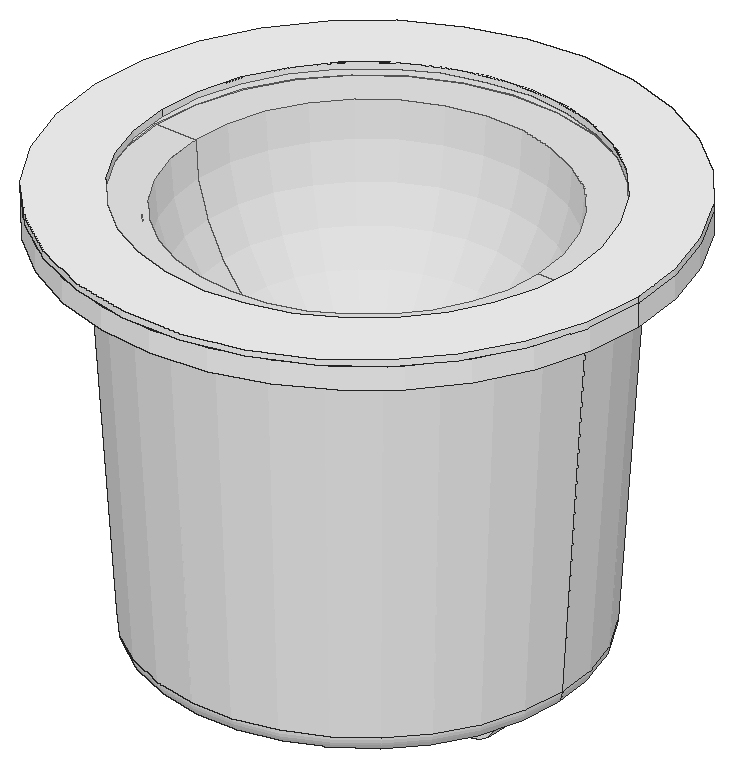
Revit family "2058879 Feilo Sylvania Lighting Fixture MYRD IP FL 4K DALIEM WHT WBEZ", category Lighting Fixtures, host Face, Revit 2017
Family settings
  Host = Face
  Round Connector Dimension = Use Diameter
  Part Type = Normal
  OmniClass Number = 23.80.70.11.17
  OmniClass Title = Specialized Lighting by Location or Use
  Cut with Voids When Loaded = No
  Light Source = Yes
  Shared = No
  Room Calculation Point = No
Parameters
  Weight = "1.44 kg"
  Wattage = 12 W
  WarrantyStartDate [instance] = "n/a"
  WarrantyGuarantorParts = "n/a"
  WarrantyDurationUnit = "n/a"
  WarrantyDurationParts = "n/a"
  WarrantyDescription = "n/a"
  built-in parameter 1150110 = 1 (stored number, unit not read)
  Voltage = 230 V
  URL = "http://www.sylvania-lighting.com"
  TypeName = "MYRD IP FL 4K DALIEM WHT WBEZ"
  Type Image = 0
  Type Comments = ""
  built-in parameter 1114217 = 1 (stored number, unit not read)
  Tilt Angle = -90°
  built-in parameter 1150109 = 1 (stored number, unit not read)
  built-in parameter 1150134 = 12
  built-in parameter 1150113 = 1 (stored number, unit not read)
  SerialNumber [instance] = "n/a"
  Reflector Radius = Cutout Diameter / 2 - 2.5 mm  # 35.0 mm
  Reflector Material = Aluminum_Sylvania_Myriad_Bright
  Recessed Depth = Height  # 72.0 mm
  PowerFactor = 0
  PowerConsumption = "12 W"
  Photometric Web File = ""
  NominalWidth = 0.0 mm
  NominalLength = 76.0 mm
  NominalHeight = 72.0 mm
  Name = "MYRD IP FL 4K DALIEM WHT WBEZ"
  ModelReference = "MYRD IP FL 4K DALIEM WHT WBEZ"
  ModelNumber = "2058879"
  Material = "Aluminium"
  ManufacturerName = "Feilo Sylvania"
  LuminousEfficacy = "98 lm/W"
  LuminaireType = "Ceiling recessed"
  LightOutputRatio = "1"
  LampsType = Lamp  # "LED"
  LampNominalLuminous = "977 lm"
  LampMacAdamStep = "n/a"
  LampColourTemperature = "4000 K"
  LampColourRenderingIndex = "n/a"
  Keynote = "16500"
  Keynote_2 = "16500"
  InstallationDate [instance] = "n/a"
  InputVoltage = "230-240V~"
  InputNominalFrequency = "50/60 Hz"
  IngressProtection = "IP65"
  ImpactProtectionIndex = "IK02"
  IfcExportType = "IfcLightFixtureType"
  IfcExportAs = "IfcLightFixtureType"
  Height = 72.0 mm  # constant formula
  ExpectedLife = 50000
  Emit from Circle Diameter = Accessory Inner Diameter 2  # 68.0 mm
  Emit Shape Visible in Rendering = no
  ElectricShockClassification = "Class II"
  DurationUnit = "hours"
  DocumentationLiterature = "http://www.sylvania-lighting.com/product/en-int/products/2058879"
  DimmingControlOptions = "Dimmable"
  Diffuser Material = Glass_Sylvania_Myriad_Clear_4000K
  Diffuser Diameter = Cutout Diameter  # 75.0 mm
  Cutout Diameter = 75.0 mm  # constant formula
  CreatedOn = "03-11-2017"
  CreatedBy = ""
  Cost = 0
  built-in parameter 1114216 [instance] = 1 (stored number, unit not read)
  built-in parameter 1150142 = (empty or 0)
  Model = "MYRD IP FL 4K DALIEM WHT WBEZ"
  Manufacturer = "Feilo Sylvania"  # constant formula
  built-in parameter 1150105 = 93.583 (stored number, unit not read)
  Lumens = 1176 lm
  built-in parameter 1150115 = 1 (stored number, unit not read)
  built-in parameter 1150137 = (empty or 0)
  built-in parameter 1150139 = (empty or 0)
  built-in parameter 1150112 = 1 (stored number, unit not read)
  built-in parameter 1150114 = 1 (stored number, unit not read)
  Lamp = "LED"
  built-in parameter 1150132 = (empty or 0)
  built-in parameter 1150102 = (empty or 0)
  built-in parameter 1150107 = 4000 (stored number, unit not read)
  built-in parameter 1150138 = (empty or 0)
  built-in parameter 1150106 = 0.93583 (stored number, unit not read)
  built-in parameter 1150104 = 9.1045 (stored number, unit not read)
  Dimming Lamp Color Temperature Shift = (empty or 0)
  Description = "Supplied complete with electronic control gear Compact Fluorescent low energy downlight Emergency version passes through the cut out Ideal for low level orientation lighting New range of Architectural accessories each providing a different lit dimension New completely flush plaster up accessory ring for clean ceiling lines and smooth finish Order lamp separately"  # constant formula
  Default Elevation = 0.0 mm
  Color Filter = 16777215
  built-in parameter 1140040 [instance] = 1
  Body Radius = Reflector Radius + 1.5 mm  # 36.5 mm
  Body Material = Aluminum_Sylvania_Myriad_Gray
  BarCode [instance] = "n/a"
  built-in parameter 1114218 = 1 (stored number, unit not read)
  built-in parameter 1150133 = 10 (stored number, unit not read)
  AssetType = "Fixed"
  AssetIdentifier [instance] = "n/a"
  Assembly Code = "D5020200"
  Apparent Load = 12 VA
  Accessory Material = Aluminum_Sylvania_Myriad_White
  Accessory Inner Diameter 2 = Accessory Diameter - 22.0 mm  # 68.0 mm
  Accessory Inner Diameter 1 = Accessory Diameter - 2.0 mm  # 88.0 mm
  Accessory Diameter = Cutout Diameter + 15.0 mm  # 90.0 mm
Reference planes
  plane 1 "Center (Front/Back)": y = 0
  plane 2: z = 0
  plane 3 "Center (Left/Right)": x = 0
  plane 4: z = 2
  plane 5 "Fixture Bottom": z = 4.5
  plane 6: z = -28.5
  plane 7: z = -61.5
  plane 8 "Fixture Top": z = -67.5
  plane 9: z = 3.5
Forms (mm)
  Revolve 1, solid, material "Aluminum_Sylvania_Myriad_Bright" <- "Reflector Material", detail levels fine
    sketch origin (0, 0, 0) x (1, 0, 0) y (0, 0, 1)
      loop
        line (0, -27.515) -> (-6, -27.515)
        arc (-6, -27.515) -> (-22.333, -16.632) -> (-28.5, 2) r 30.135
        line (-28.5, 2) -> (-35, 2) -> (-35, 0) -> (-29.184, 0)
        arc (-29.184, 0) -> (-22.423, -18.18) -> (-6, -28.5) r 30.204
        line (-6, -28.5) -> (0, -28.5) -> (0, -27.515)
      axis (0, -28.5) -> (0, 2)
    angle from 0 to 360
  Revolve 2, solid, material "Aluminum_Sylvania_Myriad_Gray" <- "Body Material", detail levels fine
    sketch origin (0, 0, 0) x (1, 0, 0) y (0, 0, 1)
      loop
        line (-44, 2) -> (-44, 0) -> (-36.5, 0) -> (-32.42, -58.708)
        arc (-32.42, -58.708) -> (-31.474, -60.694) -> (-29.428, -61.5) r 3
        line (-29.428, -61.5) -> (0, -61.5) -> (0, -28.5) -> (-6, -28.5)
        arc (-6, -28.5) -> (-22.423, -18.18) -> (-29.184, 0) r 30.204
        line (-29.184, 0) -> (-35, 0) -> (-35, 2) -> (-44, 2)
      axis (0, 2) -> (0, -61.5)
    angle from 0 to 360
  Extrusion 3, solid, material "Aluminum_Sylvania_Myriad_Gray" <- "Body Material", detail levels fine
    sketch origin (0, 0, 0) x (1, 0, 0) y (0, 0, 1)
      loop
        line (-13.5, -67.5) -> (21, -67.5)
        arc (21, -67.5) -> (23.828, -66.328) -> (25, -63.5) r 4
        line (25, -63.5) -> (25, -61.5) -> (-17.5, -61.5) -> (-17.5, -63.5)
        arc (-17.5, -63.5) -> (-16.328, -66.328) -> (-13.5, -67.5) r 4
    from -4.5 to 4.5
  Extrusion 4, solid, material "Aluminum_Sylvania_Myriad_White" <- "Accessory Material", detail levels fine
    sketch origin (0, 0, 0) x (1, 0, 0) y (0, 1, 0)
      loop
        circle (0, 0) r 45
      loop
        circle (0, 0) r 44
    from 0 to 3.5
  Extrusion 5, solid, material "Aluminum_Sylvania_Myriad_White" <- "Accessory Material", detail levels fine
    sketch origin (0, 0, 0) x (1, 0, 0) y (0, 1, 0)
      loop
        circle (0, 0) r 45
      loop
        circle (0, 0) r 34
    from 3.5 to 4.5
  Extrusion 6, solid, material "Aluminum_Sylvania_Myriad_White" <- "Accessory Material", detail levels coarse+medium
    sketch origin (0, 0, 0) x (1, 0, 0) y (0, 1, 0)
      loop
        circle (0, 0) r 45
    from 0 to 4.5
  Revolve 7, solid, detail levels coarse+medium
    sketch origin (0, 0, 0) x (1, 0, 0) y (0, 0, 1)
      loop
        line (36.5, 0) -> (0, 0) -> (0, -61.5) -> (32.226, -61.5) -> (36.5, 0)
      axis (0, 0) -> (0, -61.5)
    angle from 0 to 360
  Extrusion 8, void
    sketch origin (0, 0, 0) x (1, 0, 0) y (0, 1, 0)
      loop
        circle (0, 0) r 37.5
    from -67.5 to 0
  Extrusion 9, solid, material "Glass_Sylvania_Myriad_Clear_4000K" <- "Diffuser Material", detail levels fine
    sketch origin (0, 0, 0) x (1, 0, 0) y (0, 1, 0)
      loop
        circle (0, 0) r 37.5
    from 2 to 3.5
Cuts and joins
  joined: Extrusion 4, Extrusion 5
Lines and regions (mm)
  Masking region 1
    outline origin (0, 0, 0) x (1, 0, 0) y (0, 1, 0)
      loop
        circle (0, 0) r 45
  symbolic lines
    curve 1: arc (-34, 0, 0) -> (0, 34, 0) -> (34, 0, 0) r 34
    curve 2: arc (34, 0, 0) -> (0, -34, 0) -> (-34, 0, 0) r 34
Dimensions and locks
  locked: plane 7 to plane 8 "Fixture Top" at 6
  "Body Radius": Revolve 7 sketch curve to plane 3 "Center (Left/Right)"
  locked: Revolve 7 sketch curve to Revolve 7 sketch curve at 4.274
  plane 5 "Fixture Bottom" to plane 9 to plane 4 to plane 2 to plane 6 = 1.0 mm locked, 1.5 mm locked, 2.0 mm locked, 28.5 mm locked
  "Reflector Radius": Revolve 1 sketch curve to plane 3 "Center (Left/Right)"
  Revolve 1 sketch curve to Revolve 1 sketch curve to Revolve 1 sketch curve to Revolve 1 sketch curve = 6.5 mm locked, 22.5 mm locked, 0.0 mm locked
  "Reflector Radius": plane 3 "Center (Left/Right)" to Revolve 2 sketch curve
  Revolve 2 sketch curve to Revolve 2 sketch curve to Revolve 2 sketch curve = 7.5 mm locked, 1.5 mm locked
  Revolve 2 sketch curve to Revolve 2 sketch curve to Revolve 2 sketch curve = 5.816 mm locked, 23.184 mm locked
  Revolve 2 sketch curve to Revolve 2 sketch curve to Revolve 2 sketch curve = 2.58 mm locked, 2.993 mm locked
  "Accessory Diameter": diameter of Extrusion 4 sketch curve
  "Accessory Inner Diameter 1": diameter of Extrusion 4 sketch curve
  "Accessory Diameter": diameter of Extrusion 5 sketch curve
  "Accessory Diameter": diameter of Extrusion 6 sketch curve
  "Cutout Diameter": diameter of Extrusion 8 sketch curve
  "Accessory Inner Diameter 2": diameter of Extrusion 5 sketch curve
  "Diffuser Diameter": diameter of Extrusion 9 sketch curve
  aligned and locked: plane 2 to host face
  aligned and locked: level to host face
  aligned and locked: plane 1 "Center (Front/Back)" to imposter light
  aligned and locked: plane 3 "Center (Left/Right)" to imposter light
  aligned and locked: Revolve 1 sketch curve to imposter light
  aligned and locked: Extrusion 3 sketch curve to plane 8 "Fixture Top"
  aligned and locked: plane 7 to Extrusion 3 sketch curve
  aligned and locked: Extrusion 4 to plane 2
  aligned and locked: plane 9 to Extrusion 4
  aligned and locked: Extrusion 5 to plane 9
  aligned and locked: plane 5 "Fixture Bottom" to Extrusion 5
  aligned and locked: Extrusion 6 to plane 2
  aligned and locked: plane 5 "Fixture Bottom" to Extrusion 6
  aligned and locked: Extrusion 8 to plane 8 "Fixture Top"
  aligned and locked: plane 2 to Extrusion 8
  aligned and locked: Masking region 1 sketch curve to Extrusion 6  (x2)
  aligned and locked: Extrusion 9 to plane 4
  aligned and locked: plane 9 to Extrusion 9
  aligned and locked: plane 4 to Revolve 2 sketch curve
  aligned and locked: Revolve 2 sketch curve to plane 2
  aligned and locked: curve 1 to cut or joined group of Extrusion 4, Extrusion 5
  aligned and locked: curve 2 to cut or joined group of Extrusion 4, Extrusion 5
  aligned and locked: imposter light to plane 5 "Fixture Bottom"
Automatic sketch dimensions
  host sketch curve to host sketch curve = 1305.563 mm
  host sketch curve to host sketch curve = 1283.632 mm
  Extrusion 3 sketch curve to plane 7 = 2.0 mm
  Extrusion 3 sketch curve to plane 3 "Center (Left/Right)" = 13.5 mm
  plane 3 "Center (Left/Right)" to Extrusion 3 sketch curve = 21.0 mm
  Extrusion 3 sketch curve to Extrusion 3 sketch curve = 4.0 mm
  Revolve 1 sketch curve to level = 0.0 mm
  Revolve 1 sketch curve to plane 3 "Center (Left/Right)" = 0.0 mm
  Revolve 1 sketch curve to plane 6 = 0.0 mm
  Revolve 1 sketch curve to plane 4 = 0.0 mm
  Revolve 1 sketch curve to Revolve 1 sketch curve = 0.684 mm
  level to Revolve 1 sketch curve = 0.88 mm
  Revolve 1 sketch curve to plane 4 = 0.363 mm
  Revolve 1 sketch curve to Revolve 1 sketch curve = 0.625 mm
  Revolve 1 sketch curve to plane 8 "Fixture Top" = 232.8 mm
  plane 5 "Fixture Bottom" to Revolve 1 sketch curve = 291.243 mm
  Revolve 2 sketch curve to plane 3 "Center (Left/Right)" = 0.0 mm  (x2)
  Revolve 2 sketch curve to plane 7 = 0.0 mm
  Revolve 2 sketch curve to plane 6 = 0.0 mm
  Revolve 2 sketch curve to level = 0.0 mm
  level to Revolve 2 sketch curve = 0.88 mm
  plane 7 to Revolve 2 sketch curve = 2.792 mm
  Revolve 2 sketch curve to plane 8 "Fixture Top" = 304.774 mm
  plane 5 "Fixture Bottom" to Revolve 2 sketch curve = 1137.105 mm
  Extrusion 4 sketch curve to Extrusion 4 sketch curve = 0.0 mm  (x2)
  plane 1 "Center (Front/Back)" to Extrusion 4 sketch curve = 0.0 mm
  Extrusion 4 sketch curve to plane 3 "Center (Left/Right)" = 0.0 mm
  Extrusion 5 sketch curve to Extrusion 5 sketch curve = 0.0 mm  (x2)
  plane 1 "Center (Front/Back)" to Extrusion 5 sketch curve = 0.0 mm
  Extrusion 5 sketch curve to plane 3 "Center (Left/Right)" = 0.0 mm
  plane 1 "Center (Front/Back)" to Extrusion 6 sketch curve = 0.0 mm
  Extrusion 6 sketch curve to plane 3 "Center (Left/Right)" = 0.0 mm
  Revolve 7 sketch curve to level = 0.0 mm
  Revolve 7 sketch curve to plane 3 "Center (Left/Right)" = 0.0 mm  (x2)
  Revolve 7 sketch curve to plane 7 = 0.0 mm
  Revolve 7 sketch curve to plane 8 "Fixture Top" = 304.774 mm
  plane 5 "Fixture Bottom" to Revolve 7 sketch curve = 43.226 mm
  plane 1 "Center (Front/Back)" to Extrusion 8 sketch curve = 0.0 mm
  Extrusion 8 sketch curve to plane 3 "Center (Left/Right)" = 0.0 mm
  plane 1 "Center (Front/Back)" to Extrusion 9 sketch curve = 0.0 mm
  Extrusion 9 sketch curve to plane 3 "Center (Left/Right)" = 0.0 mm
Connectors
  electrical at (-0.006, -0.019, -67.5), driven by "Apparent Load", driven by "Apparent Load"
    settings: on plane 8 "Fixture Top", index 1, voltage 230 V, apparent load 12 VA, apparent load phase1 12 VA, apparent load phase2 0 VA, apparent load phase3 0 VA, power factor 1, load classification "Lighting", number of poles 1, system type 30, power factor state 1, is connector primary yes, connector utility no, sub classification motor no, connector description ""
